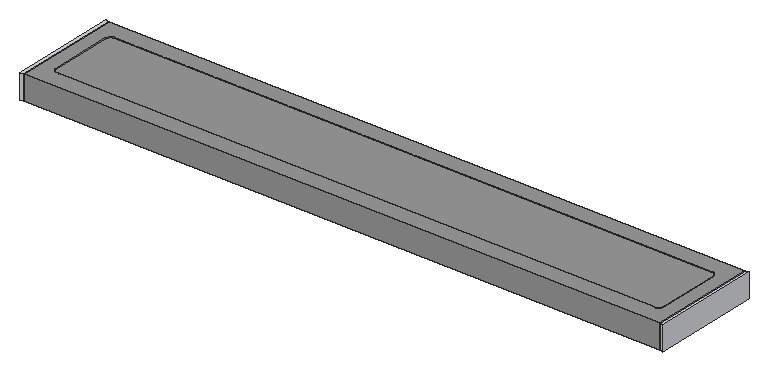
Revit family "0044086 Sylvania Lighting Fixture OPTIX S 1200 MPO D 4000K D+EM WHITE", category Lighting Fixtures, host Face, Revit 2016
Family settings
  Host = Face
  Part Type = Normal
  Round Connector Dimension = Use Diameter
  OmniClass Number = 23.80.70.00
  OmniClass Title = Lighting
  Cut with Voids When Loaded = No
  Light Source = Yes
  Shared = No
  Room Calculation Point = No
Parameters (values of type "0044086 OPTIX S 1200 MPO D 4K D+EM WHITE")
  spacer height = 5 mm
  spacer centres = 1000 mm
  lens width = 1135 mm
  full length = 1200 mm
  Width = 200 mm
  Weight = "n/a"
  Wattage Comments = ""
  Wattage = 9.2903 W
  WarrantyStartDate [instance] = "n/a"
  WarrantyGuarantorParts = "n/a"
  WarrantyDurationUnit = "n/a"
  WarrantyDurationParts = ""
  WarrantyDescription = "http://www.sylvania-lighting.com"
  built-in parameter 1150110 = 1 (stored number, unit not read)
  Voltage = 0 V
  URL = "0.98"
  TypeName = "OPTIX S 1200 MPO D 4000K D+EM WHITE"
  Type Image = <None>
  Type Comments = "n/a"
  built-in parameter 1114217 = 1 (stored number, unit not read)
  Tilt Angle = 90.00°
  built-in parameter 1150109 = 1 (stored number, unit not read)
  built-in parameter 1150134 = 3
  built-in parameter 1150113 = 1 (stored number, unit not read)
  SerialNumber [instance] = "n/a"
  Photometric Web File = "0044086.ies"
  Material_3_FEILO = none
  PowerFactor = 0
  PowerConsumption = "Lighting"
  NominalLength = 200 mm
  NominalHeight = 0 mm
  NominalDepth = 0 mm
  Name = "OPTIX S 1200 MPO D 4000K D+EM WHITE"
  ModelReference = Name  # "OPTIX S 1200 MPO D 4000K D+EM WHITE"
  ModelNumber = "0044086"
  Model = Name  # "OPTIX S 1200 MPO D 4000K D+EM WHITE"
  Material = "Feilo Sylvania"
  ManufacturerName = "110 lm/W"
  Manufacturer = ""
  LuminousEfficacy = ""
  built-in parameter 1150105 = 109.82 (stored number, unit not read)
  Lumens = 1380 lm
  LuminaireType = "0"
  built-in parameter 1150115 = 1 (stored number, unit not read)
  LightOutputRatio = "LED"
  built-in parameter 1150137 = (empty or 0)
  built-in parameter 1150139 = (empty or 0)
  Lens Width = 135 mm
  Length = 1188 mm
  LampsType = Lamp  # "n/a"
  LampNominalLuminous = "4000 K"
  LampMacAdamStep = "80"
  LampColourTemperature = "LED"
  LampColourRenderingIndex = "16500"
  built-in parameter 1150112 = 1 (stored number, unit not read)
  built-in parameter 1150114 = 1 (stored number, unit not read)
  Lamp = "n/a"
  Keynote = "n/a"
  InstallationDate [instance] = "n/a"
  InputVoltage = "0"
  InputNominalFrequency = "4000"
  built-in parameter 1150132 = (empty or 0)
  built-in parameter 1150102 = (empty or 0)
  built-in parameter 1150107 = 3200 (stored number, unit not read)
  built-in parameter 1150138 = (empty or 0)
  IngressProtection = "IfcLightFixtureType"
  ImpactProtectionIndex = "IfcLightFixtureType"
  built-in parameter 1150106 = 1.0982 (stored number, unit not read)
  IfcExportType = "IfcLightFixtureType"
  IfcExportAs = "Class I"
  Height = 50 mm
  ExpectedLife = 50000
  Emit from Circle Diameter = 609.6 mm
  Emit Shape Visible in Rendering = no
  ElectricShockClassification = "110"
  built-in parameter 1150104 = 13.8 (stored number, unit not read)
  DurationUnit = "hours"
  DocumentationLiterature = "http://www.sylvania-lighting.com/product/en-int/products/0044086"
  DimmingControlOptions = "n/a"
  Material_2_FEILO = none
  Dimming Lamp Color Temperature Shift = <None>
  Description = "OPTIX S 1200 MPO D 4K D+EM WHITE is a high efficacy low glare surface or suspended LED Linear luminaire with Micro Prismatic Optic, with direct light distribution, luminaire dimensions: 1200x200x50mm, Sylvania White body colour (RAL9016), IP20, IK07, DALI Dimmable, 3hr maintained emergency version, low LED flicker (+/-5%), Neutral White (4000K) LED Colour Temperature, 2863lm luminous flux, 26W power consumption, 110lm/W system efficacy, CRI>80, SDCM 3 (3-step MacAdam ellipse) LED Colour Consistency, UGR<19, Luminance at 65° < 3000 cd/m2, lumen maintenance: L90B50 at 60000h, photobiological safety risk group 1. Electrical protection Class I."
  Default Elevation = 1219.2 mm
  CreatedOn = "20/10/2020"
  CreatedBy = "@sylvania-lighting.com"
  Cost = 0
  Color Filter = 16777215
  built-in parameter 1114216 [instance] = (empty or 0)
  ClassificationValue = "EF_70_80"
  ClassificationName = "Uniclass2015"
  Material_1_FEILO = none
  BarCode [instance] = "n/a"
  built-in parameter 1114218 = 1 (stored number, unit not read)
  built-in parameter 1150133 = 10 (stored number, unit not read)
  AssetType = "Fixed"
  AssetIdentifier [instance] = "n/a"
  Assembly Code = "D5020200"
  Apparent Load = 26 VA
  Material_4_FEILO = none
Reference planes
  plane 1 "Center (Front/Back)": y = 0
  plane 2: z = 0
  plane 3 "Center (Left/Right)": x = 0
  plane 4: z = 0
  plane 5: z = 50
  plane 6: y = 100
  plane 7: y = -100
  plane 8: x = -594
  plane 9: x = 594
  plane 10: z = 5
  plane 11: x = -500
  plane 12: x = 500
  plane 13: y = 10
  plane 14: y = -10
  plane 15: x = 487.5
  plane 16: x = 512.5
  plane 17: x = -512.5
  plane 18: x = -487.5
  plane 19: x = -567.5
  plane 20: x = 567.5
  plane 21: y = 67.5
  plane 22: y = -67.5
  plane 23: x = -557.5
  plane 24: y = 57.5
  plane 25: y = -57.5
  plane 26: x = 557.5
  plane 27: x = -600
  plane 28: x = 600
Forms (mm)
  Extrusion 1, solid, material "Aluminum 1100-H18", detail levels medium+fine
    sketch origin (4.2, 0, 0) x (1, 0, 0) y (0, 1, 0)
      loop
        line (-598.2, 100) -> (-598.2, -100) -> (589.8, -100) -> (589.8, 100) -> (-598.2, 100)
    from 5 to 50
  Extrusion 2, solid
    sketch origin (4.2, 0, 0) x (1, 0, 0) y (0, 1, 0)
      loop
        line (483.3, 10) -> (483.3, -10) -> (508.3, -10) -> (508.3, 10) -> (483.3, 10)
    from 0 to 5
  Extrusion 3, solid
    sketch origin (4.2, 0, 0) x (1, 0, 0) y (0, 1, 0)
      loop
        line (-516.7, 10) -> (-516.7, -10) -> (-491.7, -10) -> (-491.7, 10) -> (-516.7, 10)
    from 0 to 5
  Extrusion 4, void, detail levels fine
    sketch origin (4.2, 0, 0) x (0, 1, 0) y (1, 0, 0)
      loop
        line (67.5, -561.7) -> (67.5, 553.3)
        arc (67.5, 553.3) -> (64.571, 560.371) -> (57.5, 563.3) r 10
        line (57.5, 563.3) -> (-57.5, 563.3)
        arc (-57.5, 563.3) -> (-64.571, 560.371) -> (-67.5, 553.3) r 10
        line (-67.5, 553.3) -> (-67.5, -561.7)
        arc (-67.5, -561.7) -> (-64.571, -568.771) -> (-57.5, -571.7) r 10
        line (-57.5, -571.7) -> (57.5, -571.7)
        arc (57.5, -571.7) -> (64.571, -568.771) -> (67.5, -561.7) r 10
    from -50 to -48
  Extrusion 5, solid, detail levels medium+fine
    sketch origin (4.2, 0, 0) x (1, 0, 0) y (0, 1, 0)
      loop
        line (-604.2, 100) -> (-604.2, -100) -> (-598.2, -100) -> (-598.2, 100) -> (-604.2, 100)
    from 5 to 50
  Extrusion 6, solid, detail levels medium+fine
    sketch origin (4.2, 0, 0) x (1, 0, 0) y (0, 1, 0)
      loop
        line (589.8, 100) -> (589.8, -100) -> (595.8, -100) -> (595.8, 100) -> (589.8, 100)
    from 5 to 50
  Extrusion 7, solid, material "Glass, White, High Luminance", detail levels fine
    sketch origin (4.2, 0, 0) x (1, 0, 0) y (0, 1, 0)
      loop
        arc (-561.7, 67.5) -> (-568.771, 64.571) -> (-571.7, 57.5) r 10
        line (-571.7, 57.5) -> (-571.7, -57.5)
        arc (-571.7, -57.5) -> (-568.771, -64.571) -> (-561.7, -67.5) r 10
        line (-561.7, -67.5) -> (553.3, -67.5)
        arc (553.3, -67.5) -> (560.371, -64.571) -> (563.3, -57.5) r 10
        line (563.3, -57.5) -> (563.3, 57.5)
        arc (563.3, 57.5) -> (560.371, 64.571) -> (553.3, 67.5) r 10
        line (553.3, 67.5) -> (-561.7, 67.5)
    from 48 to 49.5
  Extrusion 8, solid, detail levels coarse
    sketch origin (4.2, 0, 0) x (1, 0, 0) y (0, 1, 0)
      loop
        line (-604.2, 100) -> (-604.2, -100) -> (595.8, -100) -> (595.8, 100) -> (-604.2, 100)
    from 0 to 50
Cuts and joins
  Extrusion 4 cuts Extrusion 2
  Extrusion 4 cuts Extrusion 3
  Extrusion 4 cuts Extrusion 1
Dimensions and locks
  "Width": plane 6 to plane 7
  equal spacing: plane 6, plane 1 "Center (Front/Back)", plane 7
  "Length": plane 8 to plane 9
  equal spacing: plane 8, plane 3 "Center (Left/Right)", plane 9
  "spacer height": plane 10 to host face
  "Height": plane 5 to level
  "spacer centres": plane 11 to plane 12
  equal spacing: plane 11, plane 3 "Center (Left/Right)", plane 12
  "lens width": plane 19 to plane 20
  equal spacing: plane 19, plane 3 "Center (Left/Right)", plane 20
  "Lens Width": plane 21 to plane 22
  equal spacing: plane 21, plane 1 "Center (Front/Back)", plane 22
  "full length": plane 27 to plane 28
  equal spacing: plane 27, plane 3 "Center (Left/Right)", plane 28
  aligned and locked: plane 2 to host face
  aligned and locked: level to host face
Automatic sketch dimensions
  host sketch curve to host sketch curve = 2438.4 mm  (x2)
  Extrusion 1 sketch curve to plane 7 = 0 mm
  Extrusion 1 sketch curve to plane 8 = 0 mm
  Extrusion 1 sketch curve to plane 9 = 0 mm
  Extrusion 1 sketch curve to plane 6 = 0 mm
  Extrusion 2 sketch curve to plane 14 = 0 mm
  Extrusion 2 sketch curve to plane 15 = 0 mm
  Extrusion 2 sketch curve to plane 16 = 0 mm
  Extrusion 2 sketch curve to plane 13 = 0 mm
  Extrusion 3 sketch curve to plane 14 = 0 mm
  Extrusion 3 sketch curve to plane 17 = 0 mm
  Extrusion 3 sketch curve to plane 18 = 0 mm
  Extrusion 3 sketch curve to plane 13 = 0 mm
  Extrusion 4 sketch curve to plane 22 = 0 mm
  Extrusion 4 sketch curve to plane 19 = 0 mm
  Extrusion 4 sketch curve to plane 25 = 0 mm  (x2)
  Extrusion 4 sketch curve to plane 20 = 0 mm
  Extrusion 4 sketch curve to plane 24 = 0 mm  (x2)
  Extrusion 4 sketch curve to plane 23 = 0 mm
  Extrusion 5 sketch curve to plane 7 = 0 mm
  Extrusion 5 sketch curve to plane 27 = 0 mm
  Extrusion 5 sketch curve to plane 8 = 0 mm
  Extrusion 5 sketch curve to plane 6 = 0 mm
  Extrusion 6 sketch curve to plane 7 = 0 mm
  Extrusion 6 sketch curve to plane 9 = 0 mm
  Extrusion 6 sketch curve to plane 28 = 0 mm
  Extrusion 6 sketch curve to plane 6 = 0 mm
  Extrusion 7 sketch curve to plane 23 = 0 mm  (x2)
  Extrusion 7 sketch curve to plane 21 = 0 mm
  Extrusion 7 sketch curve to plane 22 = 0 mm
  Extrusion 7 sketch curve to plane 26 = 0 mm  (x2)
  Extrusion 7 sketch curve to plane 20 = 0 mm
  Extrusion 7 sketch curve to plane 24 = 0 mm
  Extrusion 8 sketch curve to plane 7 = 0 mm
  Extrusion 8 sketch curve to plane 27 = 0 mm
  Extrusion 8 sketch curve to plane 28 = 0 mm
  Extrusion 8 sketch curve to plane 6 = 0 mm
Connectors
  electrical at (0, 0, 0), driven by "Apparent Load", driven by "PowerFactor", driven by "Voltage"
    settings: index 1, voltage 0 V, apparent load 26 VA, apparent load phase1 0 VA, apparent load phase2 0 VA, apparent load phase3 0 VA, power factor 0, load classification "Lighting", number of poles 1, system type 30, power factor state 1, is connector primary yes, connector utility no, sub classification motor no, connector description ""
